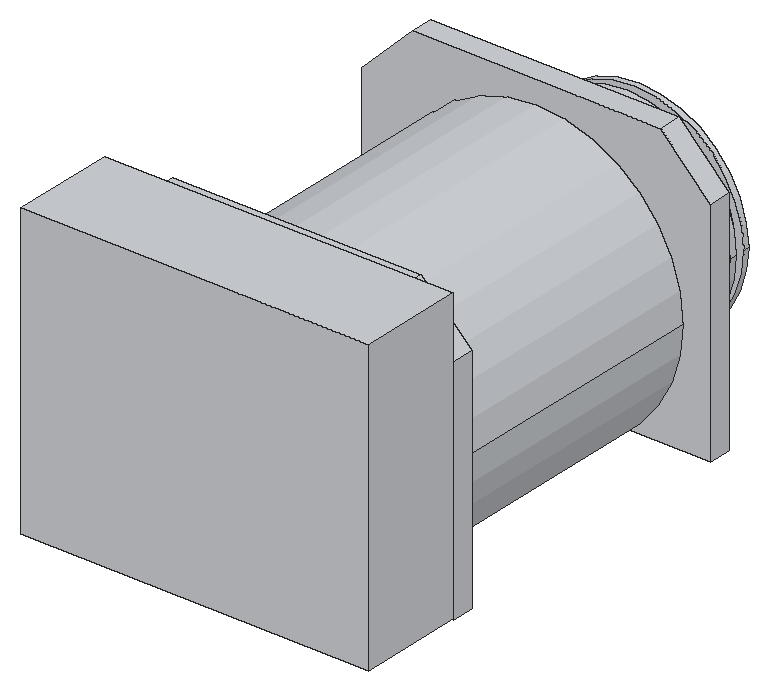
Revit family "Lift Machine (gearless) 1.1", category Generic Models, Revit 2022
Family settings
  Can host rebar = No
  Round Connector Dimension = Use Diameter
  Part Type = Normal
  Work Plane-Based = No
  Always vertical = Yes
  Cut with Voids When Loaded = No
  Maintain Annotation Orientation = No
  Shared = No
  Room Calculation Point = No
Parameters
  width of bracket = 1260 mm
  sheave inner diameter = Sheave diameter - 50 mm  # 730 mm
  sheave btm to base = 10 mm
  inner diameter = 650 mm
  height of bracket = 1000 mm
  height of base = 70 mm
  diameter of motor = 1040 mm
  cut width and height off bracket (1/8) = 180 mm
  DriveType = "Traction"
  Sheave diameter = 780 mm
  Roping = "2:1"
  Rope_Configuration = "Single Wrap"
  Rope_BreakingStrength = 350
  RopeDiameter = 10
  RopeCount = 6
  Machine_RatedSpeed = 1.5 m/s
  BrakeType = "Disc"
  Machine Brake Model = "BCA DD55 Brake"
  Geared = "Gearless"
  Default Elevation = 0 mm
  Base Width = 780 mm
Reference planes
  plane 1 "Center (Front/Back)": y = 0
  plane 2: z = 0
  plane 3 "Center (Left/Right)": x = 0
Forms (mm)
  Extrusion 1, solid
    sketch origin (0, 0, 0) x (1, 0, 0) y (0, 0, 1)
      loop
        circle (0, 400) r 390
      loop
        circle (0, 400) r 120
      loop
        circle (0, 400) r 60
    from 624.061 to 250
  Extrusion 2, void
    sketch origin (0, 0, 0) x (1, 0, 0) y (0, 0, 1)
      loop
        circle (0, 400) r 390
      loop
        circle (0, 400) r 360
    from 430.412 to 397.35
  Extrusion 3, void
    sketch origin (0, -60, 0) x (1, 0, 0) y (0, 0, 1)
      loop
        circle (0, 400) r 390
      loop
        circle (0, 400) r 360
    from 430.412 to 397.35
  Extrusion 4, void
    sketch origin (0, 63.062, 0) x (1, 0, 0) y (0, 0, 1)
      loop
        circle (0, 400) r 390
      loop
        circle (0, 400) r 360
    from 430.412 to 397.35
  Extrusion 5, void
    sketch origin (0, -116.938, 0) x (1, 0, 0) y (0, 0, 1)
      loop
        circle (0, 400) r 390
      loop
        circle (0, 400) r 360
    from 430.412 to 397.35
  Extrusion 6, void
    sketch origin (0, 126.124, 0) x (1, 0, 0) y (0, 0, 1)
      loop
        circle (0, 400) r 390
      loop
        circle (0, 400) r 360
    from 430.412 to 397.35
  Extrusion 7, void
    sketch origin (0, -173.876, 0) x (1, 0, 0) y (0, 0, 1)
      loop
        circle (0, 400) r 390
      loop
        circle (0, 400) r 360
    from 430.412 to 397.35
  Extrusion 8, solid
    sketch origin (0, 0, 0) x (1, 0, 0) y (0, 0, 1)
      loop
        circle (0, 400) r 520
    from 704.646 to 1764.992
  Extrusion 9, void
    sketch origin (45, 0, 0) x (1, 0, 0) y (0, 0, 1)
      loop
        line (396.081, 1000) -> (576.081, 820) -> (576.081, 1000) -> (396.081, 1000)
    from 704.646 to 624.061
  Extrusion 10, void
    sketch origin (-45, 0, 0) x (-1, 0, 0) y (0, 0, -1)
      loop
        line (396.081, -1000) -> (576.081, -1000) -> (576.081, -820) -> (396.081, -1000)
    from 704.646 to 624.061
  Extrusion 11, solid
    sketch origin (0, -1145.7, 0) x (1, 0, 0) y (0, 0, 1)
      loop
        line (621.081, 0) -> (621.081, 1000) -> (-621.081, 1000) -> (-621.081, 0) -> (621.081, 0)
    from 624.061 to 704.646
  Extrusion 12, solid
    sketch origin (-11.621, 0, -0.54) x (1, 0, 0) y (0, 0, 1)
      loop
        line (632.702, 0) -> (632.702, 1000) -> (-609.46, 1000) -> (-609.46, 0) -> (632.702, 0)
    from 624.061 to 704.646
  Extrusion 13, void
    sketch origin (-45, -1145.7, 0) x (-1, 0, 0) y (0, 0, -1)
      loop
        line (396.081, -1000) -> (576.081, -1000) -> (576.081, -820) -> (396.081, -1000)
    from 704.646 to 624.061
  Extrusion 14, void
    sketch origin (45, -1145.7, 0) x (1, 0, 0) y (0, 0, 1)
      loop
        line (396.081, 1000) -> (576.081, 820) -> (576.081, 1000) -> (396.081, 1000)
    from 704.646 to 624.061
  Extrusion 15, solid
    sketch origin (0, 0, 0) x (1, 0, 0) y (0, 0, 1)
      loop
        line (-621.081, 0) -> (618.919, 0) -> (618.919, 1040) -> (-621.081, 1040) -> (-621.081, 0)
    from 2224.151 to 1850.346
Cuts and joins
  Extrusion 2, Extrusion 3, Extrusion 4, Extrusion 5, Extrusion 6, Extrusion 7 cuts Extrusion 1
  Extrusion 9, Extrusion 10, Extrusion 13, Extrusion 14 cuts Extrusion 11
  Extrusion 9, Extrusion 10, Extrusion 13, Extrusion 14 cuts Extrusion 12
Dimensions and locks
  equal spacing: Extrusion 11, plane 3 "Center (Left/Right)", Extrusion 11
  Extrusion 12 to Extrusion 12 = 1242.162 mm
  diameter of Extrusion 2 = 720 mm
  diameter of cut or joined group of Extrusion 1, Extrusion 2, Extrusion 3, Extrusion 4, Extrusion 5, Extrusion 6, Extrusion 7 = 240 mm
  "diameter of motor": diameter of Extrusion 8
  aligned and locked: level to plane 2
Automatic sketch dimensions
  Extrusion 1 sketch curve to Extrusion 1 sketch curve = 0 mm  (x6)
  Extrusion 1 sketch curve to plane 3 "Center (Left/Right)" = 0 mm
  level to Extrusion 1 sketch curve = 400 mm
  Extrusion 2 sketch curve to Extrusion 2 sketch curve = 0 mm  (x2)
  Extrusion 2 sketch curve to plane 3 "Center (Left/Right)" = 0 mm
  level to Extrusion 2 sketch curve = 400 mm
  Extrusion 3 sketch curve to Extrusion 3 sketch curve = 0 mm  (x2)
  Extrusion 3 sketch curve to plane 3 "Center (Left/Right)" = 0 mm
  level to Extrusion 3 sketch curve = 400 mm
  Extrusion 4 sketch curve to Extrusion 4 sketch curve = 0 mm  (x2)
  Extrusion 4 sketch curve to plane 3 "Center (Left/Right)" = 0 mm
  level to Extrusion 4 sketch curve = 400 mm
  Extrusion 5 sketch curve to Extrusion 5 sketch curve = 0 mm  (x2)
  Extrusion 5 sketch curve to plane 3 "Center (Left/Right)" = 0 mm
  level to Extrusion 5 sketch curve = 400 mm
  Extrusion 6 sketch curve to Extrusion 6 sketch curve = 0 mm  (x2)
  Extrusion 6 sketch curve to plane 3 "Center (Left/Right)" = 0 mm
  level to Extrusion 6 sketch curve = 400 mm
  Extrusion 7 sketch curve to Extrusion 7 sketch curve = 0 mm  (x2)
  Extrusion 7 sketch curve to plane 3 "Center (Left/Right)" = 0 mm
  level to Extrusion 7 sketch curve = 400 mm
  Extrusion 8 sketch curve to plane 3 "Center (Left/Right)" = 0 mm
  level to Extrusion 8 sketch curve = 400 mm
  plane 3 "Center (Left/Right)" to Extrusion 9 sketch curve = 441.081 mm
  Extrusion 9 sketch curve to Extrusion 9 sketch curve = 180 mm  (x2)
  level to Extrusion 9 sketch curve = 820 mm
  Extrusion 10 sketch curve to plane 3 "Center (Left/Right)" = 441.081 mm
  Extrusion 10 sketch curve to Extrusion 10 sketch curve = 180 mm  (x2)
  level to Extrusion 10 sketch curve = 1000 mm
  Extrusion 11 sketch curve to level = 0 mm
  Extrusion 11 sketch curve to plane 3 "Center (Left/Right)" = 621.081 mm
  plane 3 "Center (Left/Right)" to Extrusion 11 sketch curve = 621.081 mm
  Extrusion 11 sketch curve to Extrusion 11 sketch curve = 1000 mm
  Extrusion 12 sketch curve to level = 0.54 mm
  Extrusion 12 sketch curve to plane 3 "Center (Left/Right)" = 621.081 mm
  plane 3 "Center (Left/Right)" to Extrusion 12 sketch curve = 621.081 mm
  level to Extrusion 12 sketch curve = 999.46 mm
  Extrusion 13 sketch curve to plane 3 "Center (Left/Right)" = 441.081 mm
  Extrusion 13 sketch curve to Extrusion 13 sketch curve = 180 mm  (x2)
  level to Extrusion 13 sketch curve = 1000 mm
  plane 3 "Center (Left/Right)" to Extrusion 14 sketch curve = 441.081 mm
  Extrusion 14 sketch curve to Extrusion 14 sketch curve = 180 mm  (x2)
  level to Extrusion 14 sketch curve = 820 mm
  Extrusion 15 sketch curve to level = 0 mm
  Extrusion 15 sketch curve to plane 3 "Center (Left/Right)" = 621.081 mm
  plane 3 "Center (Left/Right)" to Extrusion 15 sketch curve = 618.919 mm
  level to Extrusion 15 sketch curve = 1040 mm
  radius of Extrusion 1 sketch curve = 390 mm
  radius of Extrusion 1 sketch curve = 120 mm
  radius of Extrusion 1 sketch curve = 60 mm
  radius of Extrusion 2 sketch curve = 390 mm
  radius of Extrusion 2 sketch curve = 360 mm
  radius of Extrusion 3 sketch curve = 390 mm
  radius of Extrusion 3 sketch curve = 360 mm
  radius of Extrusion 4 sketch curve = 390 mm
  radius of Extrusion 4 sketch curve = 360 mm
  radius of Extrusion 5 sketch curve = 390 mm
  radius of Extrusion 5 sketch curve = 360 mm
  radius of Extrusion 6 sketch curve = 390 mm
  radius of Extrusion 6 sketch curve = 360 mm
  radius of Extrusion 7 sketch curve = 390 mm
  radius of Extrusion 7 sketch curve = 360 mm
  radius of Extrusion 8 sketch curve = 520 mm
